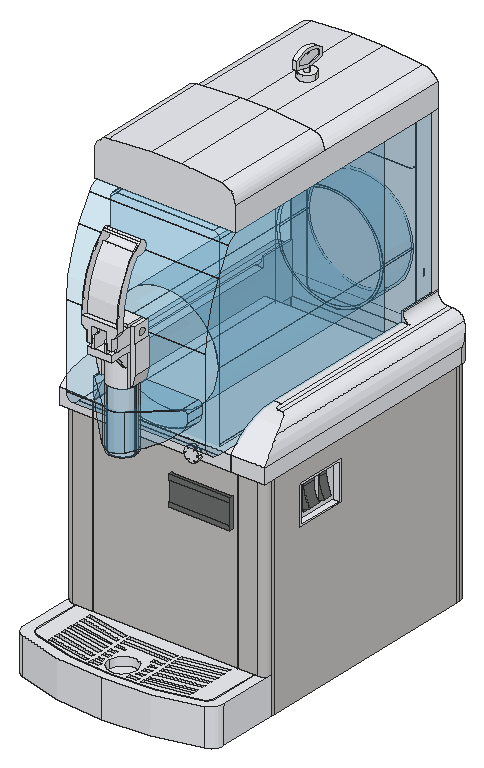
Revit family "QF_ELECTROLUXPROFESSIONAL_560097_SP1NewL", category Specialty Equipment, Revit 2018 (continued)
Lines and regions (mm)
  Split face 68
    outline origin (-128, -90, 0) x (0, -1, 0) y (0, 0, -1)
      loop
        line (-30.859, -262.213) -> (-104.859, -262.213) -> (-100.359, -270.213) -> (-35.359, -270.213) -> (-30.859, -262.213)
  Split face 69
    outline origin (-128, -90, 0) x (0, -1, 0) y (0, 0, -1)
      loop
        line (-30.859, -252.213) -> (-104.859, -252.213) -> (-100.359, -260.213) -> (-35.359, -260.213) -> (-30.859, -252.213)
  Split face 70
    outline origin (-128, -90, 0) x (0, -1, 0) y (0, 0, -1)
      loop
        line (-30.859, -242.213) -> (-104.859, -242.213) -> (-100.359, -250.213) -> (-35.359, -250.213) -> (-30.859, -242.213)
  Split face 71
    outline origin (-128, -90, -20) x (0, -1, 0) y (0, 0, -1)
      loop
        line (-30.859, -252.213) -> (-104.859, -252.213) -> (-100.359, -260.213) -> (-35.359, -260.213) -> (-30.859, -252.213)
  Split face 72
    outline origin (-128, -90, -20) x (0, -1, 0) y (0, 0, -1)
      loop
        line (-30.859, -242.213) -> (-104.859, -242.213) -> (-100.359, -250.213) -> (-35.359, -250.213) -> (-30.859, -242.213)
  Split face 73
    outline origin (-128, -90, -40) x (0, -1, 0) y (0, 0, -1)
      loop
        line (-30.859, -252.213) -> (-104.859, -252.213) -> (-100.359, -260.213) -> (-35.359, -260.213) -> (-30.859, -252.213)
  Split face 74
    outline origin (-128, -90, -40) x (0, -1, 0) y (0, 0, -1)
      loop
        line (-30.859, -242.213) -> (-104.859, -242.213) -> (-100.359, -250.213) -> (-35.359, -250.213) -> (-30.859, -242.213)
  Split face 75
    outline origin (-128, -90, -60) x (0, -1, 0) y (0, 0, -1)
      loop
        line (-30.859, -252.213) -> (-104.859, -252.213) -> (-100.359, -260.213) -> (-35.359, -260.213) -> (-30.859, -252.213)
  Split face 76
    outline origin (-128, -90, -60) x (0, -1, 0) y (0, 0, -1)
      loop
        line (-30.859, -242.213) -> (-104.859, -242.213) -> (-100.359, -250.213) -> (-35.359, -250.213) -> (-30.859, -242.213)
  Split face 77
    outline origin (-128, -90, -80) x (0, -1, 0) y (0, 0, -1)
      loop
        line (-30.859, -252.213) -> (-104.859, -252.213) -> (-100.359, -260.213) -> (-35.359, -260.213) -> (-30.859, -252.213)
  Split face 78
    outline origin (-128, -90, -80) x (0, -1, 0) y (0, 0, -1)
      loop
        line (-30.859, -242.213) -> (-104.859, -242.213) -> (-100.359, -250.213) -> (-35.359, -250.213) -> (-30.859, -242.213)
  Split face 79
    outline origin (-128, -90, -100) x (0, -1, 0) y (0, 0, -1)
      loop
        line (-30.859, -252.213) -> (-104.859, -252.213) -> (-100.359, -260.213) -> (-35.359, -260.213) -> (-30.859, -252.213)
  Split face 80
    outline origin (-128, -90, -100) x (0, -1, 0) y (0, 0, -1)
      loop
        line (-30.859, -242.213) -> (-104.859, -242.213) -> (-100.359, -250.213) -> (-35.359, -250.213) -> (-30.859, -242.213)
  Split face 81
    outline origin (-128, -90, -120) x (0, -1, 0) y (0, 0, -1)
      loop
        line (-30.859, -252.213) -> (-104.859, -252.213) -> (-100.359, -260.213) -> (-35.359, -260.213) -> (-30.859, -252.213)
  Split face 82
    outline origin (-128, -90, -120) x (0, -1, 0) y (0, 0, -1)
      loop
        line (-30.859, -242.213) -> (-104.859, -242.213) -> (-100.359, -250.213) -> (-35.359, -250.213) -> (-30.859, -242.213)
  Split face 83
    outline origin (-128, -90, -140) x (0, -1, 0) y (0, 0, -1)
      loop
        line (-30.859, -252.213) -> (-104.859, -252.213) -> (-100.359, -260.213) -> (-35.359, -260.213) -> (-30.859, -252.213)
  Split face 84
    outline origin (-128, -90, -140) x (0, -1, 0) y (0, 0, -1)
      loop
        line (-30.859, -242.213) -> (-104.859, -242.213) -> (-100.359, -250.213) -> (-35.359, -250.213) -> (-30.859, -242.213)
  Split face 85
    outline origin (-128, -90, -160) x (0, -1, 0) y (0, 0, -1)
      loop
        line (-30.859, -252.213) -> (-104.859, -252.213) -> (-100.359, -260.213) -> (-35.359, -260.213) -> (-30.859, -252.213)
  Split face 86
    outline origin (-128, -90, -160) x (0, -1, 0) y (0, 0, -1)
      loop
        line (-30.859, -242.213) -> (-104.859, -242.213) -> (-100.359, -250.213) -> (-35.359, -250.213) -> (-30.859, -242.213)
  Split face 87
    outline origin (-128, -90, -180) x (0, -1, 0) y (0, 0, -1)
      loop
        line (-30.859, -252.213) -> (-104.859, -252.213) -> (-100.359, -260.213) -> (-35.359, -260.213) -> (-30.859, -252.213)
  Split face 88
    outline origin (-128, -90, -180) x (0, -1, 0) y (0, 0, -1)
      loop
        line (-30.859, -242.213) -> (-104.859, -242.213) -> (-100.359, -250.213) -> (-35.359, -250.213) -> (-30.859, -242.213)
  Split face 89
    outline origin (-128, -90, -200) x (0, -1, 0) y (0, 0, -1)
      loop
        line (-30.859, -252.213) -> (-104.859, -252.213) -> (-100.359, -260.213) -> (-35.359, -260.213) -> (-30.859, -252.213)
  Split face 90
    outline origin (-128, -90, -200) x (0, -1, 0) y (0, 0, -1)
      loop
        line (-30.859, -242.213) -> (-104.859, -242.213) -> (-100.359, -250.213) -> (-35.359, -250.213) -> (-30.859, -242.213)
  Split face 91
    outline origin (-89.958, 209.321, 14) x (1, 0, 0) y (0, 0, -1)
      loop
        line (19.909, -204.404) -> (29.909, -204.404) -> (29.909, -141.98) -> (19.909, -141.98) -> (19.909, -204.404)
  Split face 92
    outline origin (-76.909, 209.321, 14) x (1, 0, 0) y (0, 0, -1)
      loop
        line (19.909, -204.404) -> (29.909, -204.404) -> (29.909, -141.98) -> (19.909, -141.98) -> (19.909, -204.404)
  Split face 93
    outline origin (-63.909, 209.321, 14) x (1, 0, 0) y (0, 0, -1)
      loop
        line (19.909, -204.404) -> (29.909, -204.404) -> (29.909, -141.98) -> (19.909, -141.98) -> (19.909, -204.404)
  Split face 94
    outline origin (-50.909, 209.321, 14) x (1, 0, 0) y (0, 0, -1)
      loop
        line (19.909, -204.404) -> (29.909, -204.404) -> (29.909, -141.98) -> (19.909, -141.98) -> (19.909, -204.404)
  Split face 95
    outline origin (-37.909, 209.321, 14) x (1, 0, 0) y (0, 0, -1)
      loop
        line (19.909, -204.404) -> (29.909, -204.404) -> (29.909, -141.98) -> (19.909, -141.98) -> (19.909, -204.404)
  Split face 96
    outline origin (-24.909, 209.321, 14) x (1, 0, 0) y (0, 0, -1)
      loop
        line (19.909, -204.404) -> (29.909, -204.404) -> (29.909, -141.98) -> (19.909, -141.98) -> (19.909, -204.404)
  Split face 97
    outline origin (89.958, 209.321, 14) x (-1, 0, 0) y (0, 0, 1)
      loop
        line (19.909, 204.404) -> (19.909, 141.98) -> (29.909, 141.98) -> (29.909, 204.404) -> (19.909, 204.404)
  Split face 98
    outline origin (76.909, 209.321, 14) x (-1, 0, 0) y (0, 0, 1)
      loop
        line (19.909, 204.404) -> (19.909, 141.98) -> (29.909, 141.98) -> (29.909, 204.404) -> (19.909, 204.404)
  Split face 99
    outline origin (63.909, 209.321, 14) x (-1, 0, 0) y (0, 0, 1)
      loop
        line (19.909, 204.404) -> (19.909, 141.98) -> (29.909, 141.98) -> (29.909, 204.404) -> (19.909, 204.404)
  Split face 100
    outline origin (50.909, 209.321, 14) x (-1, 0, 0) y (0, 0, 1)
      loop
        line (19.909, 204.404) -> (19.909, 141.98) -> (29.909, 141.98) -> (29.909, 204.404) -> (19.909, 204.404)
  Split face 101
    outline origin (37.909, 209.321, 14) x (-1, 0, 0) y (0, 0, 1)
      loop
        line (19.909, 204.404) -> (19.909, 141.98) -> (29.909, 141.98) -> (29.909, 204.404) -> (19.909, 204.404)
  Split face 102
    outline origin (-89.958, 209.321, -53) x (1, 0, 0) y (0, 0, -1)
      loop
        line (19.909, -204.404) -> (29.909, -204.404) -> (29.909, -141.98) -> (19.909, -141.98) -> (19.909, -204.404)
  Split face 103
    outline origin (-76.909, 209.321, -53) x (1, 0, 0) y (0, 0, -1)
      loop
        line (19.909, -204.404) -> (29.909, -204.404) -> (29.909, -141.98) -> (19.909, -141.98) -> (19.909, -204.404)
  Split face 104
    outline origin (-63.909, 209.321, -53) x (1, 0, 0) y (0, 0, -1)
      loop
        line (19.909, -204.404) -> (29.909, -204.404) -> (29.909, -141.98) -> (19.909, -141.98) -> (19.909, -204.404)
  Split face 105
    outline origin (-50.909, 209.321, -53) x (1, 0, 0) y (0, 0, -1)
      loop
        line (19.909, -204.404) -> (29.909, -204.404) -> (29.909, -141.98) -> (19.909, -141.98) -> (19.909, -204.404)
  Split face 106
    outline origin (-37.909, 209.321, -53) x (1, 0, 0) y (0, 0, -1)
      loop
        line (19.909, -204.404) -> (29.909, -204.404) -> (29.909, -141.98) -> (19.909, -141.98) -> (19.909, -204.404)
  Split face 107
    outline origin (-24.909, 209.321, -53) x (1, 0, 0) y (0, 0, -1)
      loop
        line (19.909, -204.404) -> (29.909, -204.404) -> (29.909, -141.98) -> (19.909, -141.98) -> (19.909, -204.404)
  Split face 108
    outline origin (89.958, 209.321, -53) x (-1, 0, 0) y (0, 0, 1)
      loop
        line (19.909, 204.404) -> (19.909, 141.98) -> (29.909, 141.98) -> (29.909, 204.404) -> (19.909, 204.404)
  Split face 109
    outline origin (76.909, 209.321, -53) x (-1, 0, 0) y (0, 0, 1)
      loop
        line (19.909, 204.404) -> (19.909, 141.98) -> (29.909, 141.98) -> (29.909, 204.404) -> (19.909, 204.404)
  Split face 110
    outline origin (63.909, 209.321, -53) x (-1, 0, 0) y (0, 0, 1)
      loop
        line (19.909, 204.404) -> (19.909, 141.98) -> (29.909, 141.98) -> (29.909, 204.404) -> (19.909, 204.404)
  Split face 111
    outline origin (50.909, 209.321, -53) x (-1, 0, 0) y (0, 0, 1)
      loop
        line (19.909, 204.404) -> (19.909, 141.98) -> (29.909, 141.98) -> (29.909, 204.404) -> (19.909, 204.404)
  Split face 112
    outline origin (37.909, 209.321, -53) x (-1, 0, 0) y (0, 0, 1)
      loop
        line (19.909, 204.404) -> (19.909, 141.98) -> (29.909, 141.98) -> (29.909, 204.404) -> (19.909, 204.404)
  Split face 113
    outline origin (-89.958, 209.321, -120) x (1, 0, 0) y (0, 0, -1)
      loop
        line (19.909, -204.404) -> (29.909, -204.404) -> (29.909, -141.98) -> (19.909, -141.98) -> (19.909, -204.404)
  Split face 114
    outline origin (-76.909, 209.321, -120) x (1, 0, 0) y (0, 0, -1)
      loop
        line (19.909, -204.404) -> (29.909, -204.404) -> (29.909, -141.98) -> (19.909, -141.98) -> (19.909, -204.404)
  Split face 115
    outline origin (-63.909, 209.321, -120) x (1, 0, 0) y (0, 0, -1)
      loop
        line (19.909, -204.404) -> (29.909, -204.404) -> (29.909, -141.98) -> (19.909, -141.98) -> (19.909, -204.404)
  Split face 116
    outline origin (-50.909, 209.321, -120) x (1, 0, 0) y (0, 0, -1)
      loop
        line (19.909, -204.404) -> (29.909, -204.404) -> (29.909, -141.98) -> (19.909, -141.98) -> (19.909, -204.404)
  Split face 117
    outline origin (-37.909, 209.321, -120) x (1, 0, 0) y (0, 0, -1)
      loop
        line (19.909, -204.404) -> (29.909, -204.404) -> (29.909, -141.98) -> (19.909, -141.98) -> (19.909, -204.404)
  Split face 118
    outline origin (-24.909, 209.321, -120) x (1, 0, 0) y (0, 0, -1)
      loop
        line (19.909, -204.404) -> (29.909, -204.404) -> (29.909, -141.98) -> (19.909, -141.98) -> (19.909, -204.404)
  Split face 119
    outline origin (89.958, 209.321, -120) x (-1, 0, 0) y (0, 0, 1)
      loop
        line (19.909, 204.404) -> (19.909, 141.98) -> (29.909, 141.98) -> (29.909, 204.404) -> (19.909, 204.404)
  Split face 120
    outline origin (76.909, 209.321, -120) x (-1, 0, 0) y (0, 0, 1)
      loop
        line (19.909, 204.404) -> (19.909, 141.98) -> (29.909, 141.98) -> (29.909, 204.404) -> (19.909, 204.404)
  Split face 121
    outline origin (63.909, 209.321, -120) x (-1, 0, 0) y (0, 0, 1)
      loop
        line (19.909, 204.404) -> (19.909, 141.98) -> (29.909, 141.98) -> (29.909, 204.404) -> (19.909, 204.404)
  Split face 122
    outline origin (50.909, 209.321, -120) x (-1, 0, 0) y (0, 0, 1)
      loop
        line (19.909, 204.404) -> (19.909, 141.98) -> (29.909, 141.98) -> (29.909, 204.404) -> (19.909, 204.404)
  Split face 123
    outline origin (37.909, 209.321, -120) x (-1, 0, 0) y (0, 0, 1)
      loop
        line (19.909, 204.404) -> (19.909, 141.98) -> (29.909, 141.98) -> (29.909, 204.404) -> (19.909, 204.404)
  symbolic lines
    curve 1: arc (-116.528, -193.147, 14) -> (-69.509, -206.233, 14) -> (-21.031, -211.892, 14) r 314.7
    curve 2: arc (-128, -176.764, 14) -> (-124.847, -186.764, 14) -> (-116.528, -193.147, 14) r 17.434
    curve 3: line (-128, -108.594, 14) -> (-128, -176.764, 14)
    curve 4: line (-114, -115.977, 14) -> (-114, -172.813, 14)
    curve 5: arc (-114, -172.813, 14) -> (-111.75, -179.808, 14) -> (-105.843, -184.18, 14) r 12
    curve 6: arc (-105.843, -184.18, 14) -> (-64.978, -194.885, 14) -> (-23.02, -199.796, 14) r 302.7
    curve 7: arc (23.02, -199.796, 14) -> (64.978, -194.885, 14) -> (105.843, -184.18, 14) r 302.7
    curve 8: arc (105.843, -184.18, 14) -> (111.75, -179.808, 14) -> (114, -172.813, 14) r 12
    curve 9: line (114, -172.813, 14) -> (114, -115.977, 14)
    curve 10: arc (116.528, -193.147, 14) -> (124.847, -186.764, 14) -> (128, -176.764, 14) r 17.434
    curve 11: line (128, -176.764, 14) -> (128, -108.495, 14)
    curve 12: arc (-90.277, -183.786, 14) -> (-62.925, -190.182, 14) -> (-35.093, -193.971, 14) r 297.7
    curve 13: line (-35.093, -193.971, 14) -> (-35.093, -188.951, 14)
    curve 14: arc (-35.093, -188.951, 14) -> (-62.934, -185.094, 14) -> (-90.277, -178.584, 14) r 292.7
    curve 15: line (-90.277, -178.584, 14) -> (-90.277, -183.786, 14)
    curve 16: arc (-90.277, -173.786, 14) -> (-62.925, -180.182, 14) -> (-35.093, -183.971, 14) r 297.7
    curve 17: arc (-35.093, -178.951, 14) -> (-62.934, -175.094, 14) -> (-90.277, -168.584, 14) r 292.7
    curve 18: line (-90.277, -168.584, 14) -> (-90.277, -173.786, 14)
    curve 19: line (-35.093, -183.971, 14) -> (-35.093, -178.951, 14)
    curve 20: arc (-90.277, -163.786, 14) -> (-65.353, -169.723, 14) -> (-40.011, -173.495, 14) r 297.7
    curve 21: arc (-45.705, -167.802, 14) -> (-68.17, -164.061, 14) -> (-90.277, -158.584, 14) r 292.7
    curve 22: line (-90.277, -158.584, 14) -> (-90.277, -163.786, 14)
    curve 23: arc (-90.277, -153.786, 14) -> (-70.995, -158.577, 14) -> (-51.436, -162.07, 14) r 297.7
    curve 24: arc (-57.452, -156.07, 14) -> (-65.27, -154.645, 14) -> (-73.045, -153.009, 14) r 292.7
    curve 25: line (-90.277, -148.584, 14) -> (-90.277, -153.786, 14)
    curve 26: arc (-90.277, -143.786, 14) -> (-86.66, -144.789, 14) -> (-83.031, -145.747, 14) r 297.7
    curve 27: arc (-83.031, -140.581, 14) -> (-86.66, -139.606, 14) -> (-90.277, -138.584, 14) r 292.7
    curve 28: line (-90.277, -138.584, 14) -> (-90.277, -143.786, 14)
    curve 29: arc (-90.277, -133.786, 14) -> (-86.66, -134.789, 14) -> (-83.031, -135.747, 14) r 297.7
    curve 30: arc (-83.031, -130.581, 14) -> (-86.66, -129.606, 14) -> (-90.277, -128.584, 14) r 292.7
    curve 31: line (-90.277, -128.584, 14) -> (-90.277, -133.786, 14)
    curve 32: arc (-30.3, -184.288, 14) -> (-29.707, -184.315, 14) -> (-29.113, -184.342, 14) r 649.216
    curve 33: line (-30.3, -183.206, 14) -> (-30.3, -184.288, 14)
    curve 34: arc (-23.968, -189.549, 14) -> (-27.134, -189.423, 14) -> (-30.3, -189.282, 14) r 644.216
    curve 35: line (-30.3, -189.282, 14) -> (-30.3, -194.288, 14)
    curve 36: arc (-30.3, -194.288, 14) -> (-26.66, -194.447, 14) -> (-23.02, -194.587, 14) r 649.216
    curve 37: arc (90.277, -183.786, 14) -> (62.925, -190.182, 14) -> (35.093, -193.971, 14) r 297.7
    curve 38: line (35.093, -193.971, 14) -> (35.093, -188.951, 14)
    curve 39: arc (35.093, -188.951, 14) -> (62.934, -185.094, 14) -> (90.277, -178.584, 14) r 292.7
    curve 40: line (90.277, -178.584, 14) -> (90.277, -183.786, 14)
    curve 41: arc (90.277, -173.786, 14) -> (62.925, -180.182, 14) -> (35.093, -183.971, 14) r 297.7
    curve 42: arc (35.093, -178.951, 14) -> (62.934, -175.094, 14) -> (90.277, -168.584, 14) r 292.7
    curve 43: line (90.277, -168.584, 14) -> (90.277, -173.786, 14)
    curve 44: line (35.093, -183.971, 14) -> (35.093, -178.951, 14)
    curve 45: arc (90.277, -163.786, 14) -> (65.32, -169.73, 14) -> (39.943, -173.502, 14) r 297.7
    curve 46: arc (45.634, -167.811, 14) -> (68.136, -164.068, 14) -> (90.277, -158.584, 14) r 292.7
    curve 47: line (90.277, -158.584, 14) -> (90.277, -163.786, 14)
    curve 48: arc (90.277, -153.786, 14) -> (70.959, -158.584, 14) -> (51.364, -162.081, 14) r 297.7
    curve 49: arc (57.36, -156.085, 14) -> (65.223, -154.654, 14) -> (73.045, -153.009, 14) r 292.7
    curve 50: line (90.277, -148.584, 14) -> (90.277, -153.786, 14)
    curve 51: arc (90.277, -143.786, 14) -> (85.368, -145.136, 14) -> (80.436, -146.402, 14) r 297.7
    curve 52: arc (80.436, -141.248, 14) -> (85.368, -139.959, 14) -> (90.277, -138.584, 14) r 292.7
    curve 53: line (90.277, -138.584, 14) -> (90.277, -143.786, 14)
    curve 54: arc (90.277, -133.786, 14) -> (85.368, -135.136, 14) -> (80.436, -136.402, 14) r 297.7
    curve 55: arc (80.436, -131.248, 14) -> (85.368, -129.959, 14) -> (90.277, -128.584, 14) r 292.7
    curve 56: line (90.277, -128.584, 14) -> (90.277, -133.786, 14)
    curve 57: arc (30.3, -184.288, 14) -> (29.689, -184.316, 14) -> (29.077, -184.344, 14) r 649.216
    curve 58: line (30.3, -183.145, 14) -> (30.3, -184.288, 14)
    curve 59: arc (23.877, -189.552, 14) -> (27.089, -189.425, 14) -> (30.3, -189.282, 14) r 644.216
    curve 60: line (30.3, -189.282, 14) -> (30.3, -194.288, 14)
    curve 61: arc (30.3, -194.288, 14) -> (26.66, -194.447, 14) -> (23.02, -194.587, 14) r 649.216
    curve 62: line (-90.031, 212, 14) -> (-90.031, -113.009, 14)
    curve 64: arc (-90.031, 30.512, 14) -> (-84.173, 16.37, 14) -> (-70.031, 10.512, 14) r 20
    curve 65: arc (89.969, 30.512, 14) -> (84.111, 16.37, 14) -> (69.969, 10.512, 14) r 20
    curve 66: line (89.969, 30.512, 14) -> (89.969, -113.009, 14)
    curve 67: line (-3, 135.359, 14) -> (3, 135.359, 14)
    curve 68: line (-3, 96.233, 14) -> (-3, 135.359, 14)
    curve 69: line (3, 96.233, 14) -> (-3, 96.233, 14)
    curve 70: line (3, 135.359, 14) -> (3, 96.233, 14)
    curve 71: arc (-3, 105.213, 14) -> (-11, 115.796, 14) -> (-3, 126.379, 14) r 11
    curve 72: arc (3, 126.379, 14) -> (11, 115.796, 14) -> (3, 105.213, 14) r 11
    curve 73: arc (-90.031, -93.009, 14) -> (-82.737, -87.583, 14) -> (-73.891, -85.483, 14) r 22.513
    curve 74: arc (89.969, -93.009, 14) -> (82.675, -87.583, 14) -> (73.83, -85.483, 14) r 22.513
    curve 75: arc (-73.891, -85.483, 14) -> (-0.031, -83.009, 14) -> (73.83, -85.483, 14) r 1103.745
    curve 76: line (-0.031, -113.009, 14) -> (-0.031, -171, 14)
    curve 77: line (-83.031, -113.009, 14) -> (-83.031, -153.009, 14)
    curve 78: line (80.436, -113.009, 14) -> (80.436, -153.009, 14)
    curve 79: line (80.436, -153.009, 14) -> (-83.031, -153.009, 14)
    curve 80: line (55.436, -153.009, 14) -> (20.969, -187.476, 14)
    curve 81: line (-21.031, -216, 14) -> (20.969, -216, 14)
    curve 82: line (20.969, -216, 14) -> (20.969, -171, 14)
    curve 83: line (20.969, -171, 14) -> (-21.031, -171, 14)
    curve 84: line (15.969, -216, 14) -> (15.969, -181, 14)
    curve 85: line (15.969, -181, 14) -> (-15.031, -181, 14)
    curve 86: line (-15.031, -196, 14) -> (15.969, -196, 14)
    curve 87: line (60.436, -153.009, 14) -> (20.969, -192.476, 14)
    curve 88: line (-55.497, -153.009, 14) -> (-21.031, -187.476, 14)
    curve 89: line (-60.497, -153.009, 14) -> (-21.031, -192.476, 14)
    curve 90: line (-21.031, -216, 14) -> (-21.031, -171, 14)
    curve 91: line (-15.031, -216, 14) -> (-15.031, -181, 14)
    curve 95: arc (-111.031, -118.009, 14) -> (-125.173, -112.151, 14) -> (-131.031, -98.009, 14) r 20
    curve 96: line (-111.531, 212, 14) -> (-111.531, -50.009, 14)
    curve 97: line (-111.531, -50.009, 14) -> (-128.531, -50.009, 14)
    curve 98: line (-128.531, -50.009, 14) -> (-128.531, 206.68, 14)
    curve 99: arc (-118.054, 212, 14) -> (-127.23, 208.199, 14) -> (-131.031, 199.023, 14) r 12.977
    curve 100: line (-111.531, -50.009, 14) -> (-111.531, -67.785, 14)
    curve 101: arc (-111.531, -67.785, 14) -> (-113.43, -92.343, 14) -> (-119.082, -116.317, 14) r 159.732
    curve 102: line (-128.531, -50.009, 14) -> (-131.031, -67.798, 14)
    curve 103: line (-90.031, 157, 14) -> (-105.031, 157, 14)
    curve 104: line (-105.031, 157, 14) -> (-105.031, -88.009, 14)
    curve 105: arc (-105.031, -88.009, 14) -> (-103.566, -99.132, 14) -> (-99.273, -109.498, 14) r 42.977
    curve 106: line (-99.273, -109.498, 14) -> (-90.031, -109.498, 14)
    curve 110: arc (110.969, -118.009, 14) -> (125.111, -112.151, 14) -> (130.969, -98.009, 14) r 20
    curve 111: line (111.469, 212, 14) -> (111.469, -50.009, 14)
    curve 112: line (111.469, -50.009, 14) -> (128.469, -50.009, 14)
    curve 113: line (128.469, -50.009, 14) -> (128.469, 206.68, 14)
    curve 114: arc (117.992, 212, 14) -> (127.168, 208.199, 14) -> (130.969, 199.023, 14) r 12.977
    curve 115: line (111.469, -50.009, 14) -> (111.469, -67.785, 14)
    curve 116: arc (111.469, -67.785, 14) -> (113.368, -92.343, 14) -> (119.021, -116.317, 14) r 159.732
    curve 117: line (128.469, -50.009, 14) -> (130.969, -67.798, 14)
    curve 118: line (89.969, 157, 14) -> (104.969, 157, 14)
    curve 119: line (104.969, 157, 14) -> (104.969, -88.009, 14)
    curve 120: arc (104.969, -88.009, 14) -> (103.505, -99.132, 14) -> (99.211, -109.498, 14) r 42.977
    curve 121: line (99.211, -109.498, 14) -> (89.969, -109.498, 14)
    curve 125: arc (-83.031, -150.581, 14) -> (-86.66, -149.606, 14) -> (-90.277, -148.584, 14) r 292.7
    curve 126: arc (-90.277, -123.786, 14) -> (-86.668, -124.787, 14) -> (-83.046, -125.743, 14) r 297.7
    curve 127: line (-90.277, -118.584, 14) -> (-90.277, -123.786, 14)
    curve 128: arc (-83.043, -120.578, 14) -> (-86.666, -119.604, 14) -> (-90.277, -118.584, 14) r 292.7
    curve 129: arc (20.969, -211.894, 14) -> (69.478, -206.239, 14) -> (116.528, -193.147, 14) r 314.7
    curve 130: arc (80.436, -151.248, 14) -> (85.368, -149.959, 14) -> (90.277, -148.584, 14) r 292.7
    curve 131: arc (90.277, -118.584, 14) -> (85.368, -119.959, 14) -> (80.436, -121.248, 14) r 292.7
    curve 132: line (90.277, -123.786, 14) -> (90.277, -118.584, 14)
    curve 133: arc (80.436, -126.402, 14) -> (85.368, -125.136, 14) -> (90.277, -123.786, 14) r 297.7
  symbolic lines, style "SpecialityEquipment"
    curve 63: line (-70.031, 10.512, 14) -> (69.969, 10.512, 14)
    curve 92: line (117.992, 212, 14) -> (-118.054, 212, 14)
    curve 93: line (89.969, 212, 14) -> (89.969, 30.512, 14)
    curve 94: line (89.969, -113.009, 14) -> (-90.031, -113.009, 14)
    curve 107: line (-131.031, 199.023, 14) -> (-131.031, -98.009, 14)
    curve 108: line (-90.031, -113.009, 14) -> (-90.031, -118.009, 14)
    curve 109: line (-90.031, -118.009, 14) -> (-111.031, -118.009, 14)
    curve 122: line (130.969, 199.023, 14) -> (130.969, -98.009, 14)
    curve 123: line (89.969, -113.009, 14) -> (89.969, -118.009, 14)
    curve 124: line (89.969, -118.009, 14) -> (110.969, -118.009, 14)
Dimensions and locks
  plane 4 "FEET" to level = 14 mm
  plane 6 "LEFT" to plane 3 "Center (Left/Right)" to plane 7 "RIGHT" = 131 mm, 131 mm
  plane 5 "BACK" to plane 1 "Center (Front/Back)" = 212 mm
  plane 6 "LEFT" to plane 7 "RIGHT" = 262 mm
  plane 5 "BACK" to plane 8 = 43 mm
  plane 8 to plane 11 = 250 mm
  plane 14 "TOP" to level = 640 mm
  plane 15 "FRONT" to plane 5 "BACK" = 428 mm
  plane 5 "BACK" to plane 15 "FRONT" = 428 mm
  Extrusion 63 to Extrusion 62 = 606 mm
  Extrusion 62 to Extrusion 63 = 613 mm
  cut or joined group of Extrusion 44, Extrusion 65 to cut or joined group of Extrusion 44, Extrusion 65 = 180.056 mm
  aligned and locked: level to plane 2 "BASE"
Connectors
  electrical at (69, -56, 4)
    settings: on Extrusion 30, index 1, voltage 0 V, apparent load 0 VA, apparent load phase1 0 VA, apparent load phase2 0 VA, apparent load phase3 0 VA, power factor 1, load classification "Other", number of poles 1, system type 30, power factor state 1, is connector primary yes, connector utility no, sub classification motor no, connector description "Electrical connection"
